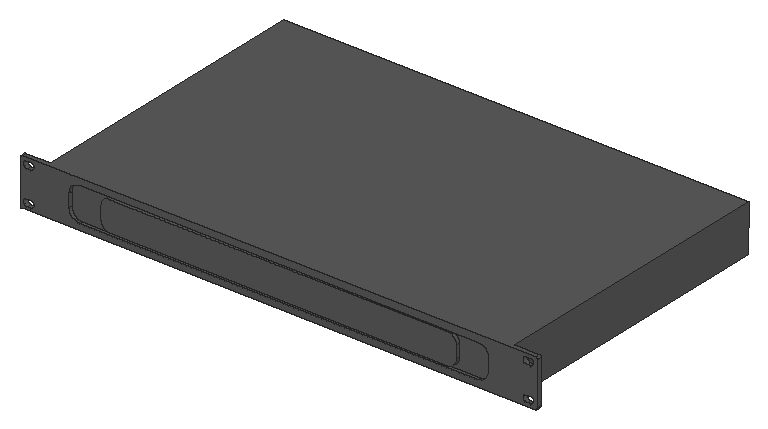
Revit family "E 20-2", category Communication Devices, Revit 2020
Family settings
  Maintain Annotation Orientation = No
  Round Connector Dimension = Use Diameter
  Part Type = Normal
  Work Plane-Based = No
  Always vertical = Yes
  Cut with Voids When Loaded = No
  Shared = No
  Room Calculation Point = No
Parameters
  Weight (kg) [instance] = 8.1  # constant formula
  Voltage [instance] = "100-240VAC"  # constant formula
  Model = "E 20:2"
  Manufacturer = "Lab Gruppen"
  Default Elevation = 0 mm
  Current Draw (Max) [instance] = 6  # constant formula
Reference planes
  plane 1 "Center (Front/Back)": y = 0
  plane 2: z = 0
  plane 3 "Center (Left/Right)": x = 0
Forms (mm)
  Extrusion 1, solid, material "Aluminium, Black"
    sketch origin (0, 0, 0) x (1, 0, 0) y (0, 0, 1)
      loop
        line (216.937, 44) -> (-216.504, 44) -> (-216.504, 0) -> (216.937, 0) -> (216.937, 44)
    from 0 to -272
  Extrusion 2, solid, material "Aluminium, Black"
    sketch origin (0, 0, 0) x (1, 0, 0) y (0, 0, 1)
      loop
        arc (-239.3, 44) -> (-240.714, 43.415) -> (-241.3, 42) r 2
        line (-241.3, 42) -> (-241.3, 2)
        arc (-241.3, 2) -> (-240.714, 0.586) -> (-239.3, 0) r 2
        line (-239.3, 0) -> (239.3, 0)
        arc (239.3, 0) -> (240.714, 0.586) -> (241.3, 2) r 2
        line (241.3, 2) -> (241.3, 42)
        arc (241.3, 42) -> (240.714, 43.415) -> (239.3, 44) r 2
        line (239.3, 44) -> (-239.3, 44)
    from 0 to 4
  Extrusion 3, void
    sketch origin (0, 0, 0) x (1, 0, 0) y (0, 0, 1)
      loop
        arc (231.4, 41.4) -> (227.9, 37.9) -> (231.4, 34.4) r 3.5
        line (231.4, 34.4) -> (234.4, 34.4)
        arc (234.4, 34.4) -> (237.9, 37.9) -> (234.4, 41.4) r 3.5
        line (234.4, 41.4) -> (231.4, 41.4)
    from 0 to 4
  Extrusion 4, void
    sketch origin (0, 0, 0) x (1, 0, 0) y (0, 0, 1)
      loop
        arc (231.4, 9.6) -> (227.9, 6.1) -> (231.4, 2.6) r 3.5
        line (231.4, 2.6) -> (234.4, 2.6)
        arc (234.4, 2.6) -> (237.9, 6.1) -> (234.4, 9.6) r 3.5
        line (234.4, 9.6) -> (231.4, 9.6)
    from 0 to 4
  Extrusion 5, void
    sketch origin (0, 0, 0) x (1, 0, 0) y (0, 0, 1)
      loop
        arc (-234.4, 41.4) -> (-237.9, 37.9) -> (-234.4, 34.4) r 3.5
        line (-234.4, 34.4) -> (-231.4, 34.4)
        arc (-231.4, 34.4) -> (-227.9, 37.9) -> (-231.4, 41.4) r 3.5
        line (-231.4, 41.4) -> (-234.4, 41.4)
    from 0 to 4
  Extrusion 6, void
    sketch origin (0, 0, 0) x (1, 0, 0) y (0, 0, 1)
      loop
        arc (-234.4, 9.6) -> (-237.9, 6.1) -> (-234.4, 2.6) r 3.5
        line (-234.4, 2.6) -> (-231.4, 2.6)
        arc (-231.4, 2.6) -> (-227.9, 6.1) -> (-231.4, 9.6) r 3.5
        line (-231.4, 9.6) -> (-234.4, 9.6)
    from 0 to 4
  Extrusion 7, void
    sketch origin (0, 0, 0) x (1, 0, 0) y (0, 0, 1)
      loop
        arc (-185.75, 38) -> (-192.821, 35.072) -> (-195.75, 28.001) r 10
        line (-195.75, 28.001) -> (-195.75, 16)
        arc (-195.75, 16) -> (-192.821, 8.929) -> (-185.75, 6) r 10
        line (-185.75, 6) -> (185.75, 6)
        arc (185.75, 6) -> (192.821, 8.929) -> (195.75, 16) r 10
        line (195.75, 16) -> (195.75, 28)
        arc (195.75, 28) -> (192.821, 35.071) -> (185.75, 38) r 10
        line (185.75, 38) -> (-185.75, 38)
    from 1 to 4
  Extrusion 8, solid, material "Aluminium, Black"
    sketch origin (0, 0, 0) x (1, 0, 0) y (0, 0, 1)
      loop
        arc (-157.75, 36.001) -> (-163.407, 33.657) -> (-165.75, 28.001) r 8
        line (-165.75, 28.001) -> (-165.75, 16)
        arc (-165.75, 16) -> (-163.407, 10.343) -> (-157.75, 8) r 8
        line (-157.75, 8) -> (157.75, 8)
        arc (157.75, 8) -> (163.407, 10.343) -> (165.75, 16) r 8
        line (165.75, 16) -> (165.75, 28.001)
        arc (165.75, 28.001) -> (163.407, 33.658) -> (157.75, 36.001) r 8
        line (157.75, 36.001) -> (-157.75, 36.001)
    from 1 to 4
Cuts and joins
  Extrusion 3, Extrusion 4, Extrusion 7 cuts Extrusion 1
  Extrusion 3, Extrusion 4, Extrusion 5, Extrusion 6, Extrusion 7 cuts Extrusion 2
  joined: Extrusion 1, Extrusion 2, Extrusion 8
Lines and regions (mm)
  Split face 1
    outline origin (-157.75, -4, 36.001) x (-1, 0, 0) y (0, 0, -1)
      loop
        arc (-83.45, 9.2) -> (-82.15, 10.5) -> (-83.45, 11.8) r 1.3
        line (-83.45, 11.8) -> (-89.45, 11.8)
        arc (-89.45, 11.8) -> (-90.75, 10.5) -> (-89.45, 9.2) r 1.3
        line (-89.45, 9.2) -> (-83.45, 9.2)
  Split face 2
    outline origin (-157.75, -4, 36.001) x (-1, 0, 0) y (0, 0, -1)
      loop
        arc (-83.45, 16.2) -> (-82.15, 17.5) -> (-83.45, 18.8) r 1.3
        line (-83.45, 18.8) -> (-89.45, 18.8)
        arc (-89.45, 18.8) -> (-90.75, 17.5) -> (-89.45, 16.2) r 1.3
        line (-89.45, 16.2) -> (-83.45, 16.2)
  Split face 3
    outline origin (187.853, 272, 44) x (0, 0, -1) y (-1, 0, 0)
      loop
        arc (28.422, 363.645) -> (30.466, 364.55) -> (31.305, 366.623) r 2.98
        line (31.305, 366.623) -> (31.305, 391.409)
        arc (31.305, 391.409) -> (30.493, 393.507) -> (28.422, 394.385) r 2.884
        line (28.422, 394.385) -> (12.058, 394.385)
        arc (12.058, 394.385) -> (10.01, 393.483) -> (9.169, 391.409) r 2.977
        line (9.169, 391.409) -> (9.169, 366.623)
        arc (9.169, 366.623) -> (9.983, 364.523) -> (12.058, 363.645) r 2.89
        line (12.058, 363.645) -> (28.422, 363.645)
  Split face 4
    outline origin (187.853, 272, 44) x (0, 0, -1) y (-1, 0, 0)
      loop
        arc (28.393, 389.257) -> (27.776, 390.755) -> (26.279, 391.376) r 2.114
        line (26.279, 391.376) -> (17.692, 391.376)
        arc (17.692, 391.376) -> (17.189, 391.274) -> (16.765, 390.986) r 1.299
        line (16.765, 390.986) -> (12.421, 386.557)
        arc (12.421, 386.557) -> (12.138, 386.127) -> (12.039, 385.622) r 1.336
        line (12.039, 385.622) -> (12.039, 372.472)
        arc (12.039, 372.472) -> (12.14, 371.968) -> (12.429, 371.544) r 1.293
        line (12.429, 371.544) -> (16.76, 367.323)
        arc (16.76, 367.323) -> (17.188, 367.04) -> (17.692, 366.941) r 1.327
        line (17.692, 366.941) -> (26.156, 366.941)
        arc (26.156, 366.941) -> (27.73, 367.519) -> (28.393, 369.059) r 2.122
        line (28.393, 369.059) -> (28.393, 389.257)
  Split face 5
    outline origin (187.853, 272, 44) x (0, 0, -1) y (-1, 0, 0)
      loop
        line (23.895, 385.372) -> (23.895, 387.032) -> (20.184, 387.032) -> (20.184, 385.372) -> (23.895, 385.372)
  Split face 6
    outline origin (187.853, 272, 44) x (0, 0, -1) y (-1, 0, 0)
      loop
        line (19.844, 378.336) -> (19.844, 379.996) -> (16.129, 379.996) -> (16.129, 378.336) -> (19.844, 378.336)
  Split face 7
    outline origin (187.853, 272, 44) x (0, 0, -1) y (-1, 0, 0)
      loop
        line (20.184, 372.93) -> (20.184, 371.266) -> (23.895, 371.266) -> (23.895, 372.93) -> (20.184, 372.93)
  Split face 8
    outline origin (216.937, 272, 44) x (0, 0, -1) y (-1, 0, 0)
      loop
        circle (29.652, 182.63) r 5.531
  Split face 9
    outline origin (216.937, 272, 44) x (0, 0, -1) y (-1, 0, 0)
      loop
        circle (30.72, 192.684) r 1.778
  Split face 10
    outline origin (216.937, 272, 39.014) x (0, 0, -1) y (-1, 0, 0)
      loop
        circle (25.227, 151.875) r 5.494
  Split face 11
    outline origin (216.937, 272, 39.014) x (0, 0, -1) y (-1, 0, 0)
      loop
        arc (22.886, 150.987) -> (22.835, 149.663) -> (24.159, 149.613) r 0.936
        line (24.159, 149.613) -> (27.557, 152.764)
        arc (27.557, 152.764) -> (27.611, 154.086) -> (26.289, 154.138) r 0.935
        line (26.289, 154.138) -> (22.886, 150.987)
  Split face 12
    outline origin (216.937, 272, 44) x (0, 0, -1) y (-1, 0, 0)
      loop
        circle (31.117, 140.57) r 1.58
  Split face 13
    outline origin (216.937, 272, 44) x (0, 0, -1) y (-1, 0, 0)
      loop
        line (34.484, 130.603) -> (34.484, 135.25) -> (27.365, 135.25) -> (27.365, 130.603) -> (34.484, 130.603)
  Split face 14
    outline origin (216.937, 272, 44) x (0, 0, -1) y (-1, 0, 0)
      loop
        line (33.378, 131.605) -> (33.378, 134.248) -> (29.564, 134.248) -> (29.564, 131.605) -> (33.378, 131.605)
  Split face 15
    outline origin (216.937, 272, 44) x (0, 0, -1) y (-1, 0, 0)
      loop
        line (34.484, 122.278) -> (34.484, 126.924) -> (27.365, 126.924) -> (27.365, 122.278) -> (34.484, 122.278)
  Split face 16
    outline origin (216.937, 272, 44) x (0, 0, -1) y (-1, 0, 0)
      loop
        line (33.378, 123.28) -> (33.378, 125.924) -> (29.564, 125.924) -> (29.564, 123.28) -> (33.378, 123.28)
  Split face 17
    outline origin (216.937, 272, 39.014) x (0, 0, -1) y (-1, 0, 0)
      loop
        circle (25.225, 110.053) r 5.494
  Split face 18
    outline origin (216.937, 272, 39.014) x (0, 0, -1) y (-1, 0, 0)
      loop
        arc (22.886, 109.165) -> (22.835, 107.841) -> (24.159, 107.791) r 0.936
        line (24.159, 107.791) -> (27.557, 110.942)
        arc (27.557, 110.942) -> (27.611, 112.264) -> (26.289, 112.316) r 0.935
        line (26.289, 112.316) -> (22.886, 109.165)
  Split face 19
    outline origin (216.937, 272, 44) x (0, 0, -1) y (-1, 0, 0)
      loop
        line (34.484, 88.653) -> (34.484, 93.301) -> (27.365, 93.301) -> (27.365, 88.653) -> (34.484, 88.653)
  Split face 20
    outline origin (216.937, 272, 44) x (0, 0, -1) y (-1, 0, 0)
      loop
        line (33.378, 89.656) -> (33.378, 92.299) -> (29.564, 92.299) -> (29.564, 89.656) -> (33.378, 89.656)
  Split face 21
    outline origin (216.937, 272, 44) x (0, 0, -1) y (-1, 0, 0)
      loop
        line (34.484, 80.329) -> (34.484, 84.975) -> (27.365, 84.975) -> (27.365, 80.329) -> (34.484, 80.329)
  Split face 22
    outline origin (216.937, 272, 44) x (0, 0, -1) y (-1, 0, 0)
      loop
        line (33.378, 81.331) -> (33.378, 83.975) -> (29.564, 83.975) -> (29.564, 81.331) -> (33.378, 81.331)
  Split face 23
    outline origin (216.937, 272, 44) x (0, 0, -1) y (-1, 0, 0)
      loop
        circle (31.117, 98.391) r 1.578
  Split face 24
    outline origin (216.937, 272, 44) x (0, 0, -1) y (-1, 0, 0)
      loop
        line (36.299, 4.758) -> (36.299, 26.188) -> (27.277, 26.188) -> (27.277, 25.116) -> (25.049, 25.116) -> (25.049, 5.793) -> (27.365, 5.793) -> (27.365, 4.758) -> (36.299, 4.758)
  Split face 25
    outline origin (216.937, 272, 44) x (0, 0, -1) y (-1, 0, 0)
      loop
        line (28.11, 4.758) -> (28.11, 26.188)
  Split face 26
    outline origin (216.937, 272, 44) x (0, 0, -1) y (-1, 0, 0)
      loop
        line (36.539, 31.923) -> (36.539, 49.134) -> (27.536, 49.134) -> (27.536, 46.746) -> (25.308, 46.746) -> (25.308, 34.334) -> (27.633, 34.334) -> (27.633, 31.923) -> (36.539, 31.923)
  Split face 27
    outline origin (216.937, 272, 44) x (0, 0, -1) y (-1, 0, 0)
      loop
        line (28.36, 31.923) -> (28.36, 49.134)
  Split face 28
    outline origin (216.937, 272, 44) x (0, 0, -1) y (-1, 0, 0)
      loop
        line (36.539, 58.674) -> (36.539, 75.884) -> (27.536, 75.884) -> (27.536, 73.496) -> (25.308, 73.496) -> (25.308, 61.084) -> (27.633, 61.084) -> (27.633, 58.674) -> (36.539, 58.674)
  Split face 29
    outline origin (216.937, 272, 44) x (0, 0, -1) y (-1, 0, 0)
      loop
        line (28.36, 58.674) -> (28.36, 75.884)
  Split face 30
    outline origin (216.937, 272, 44) x (0, 0, -1) y (-1, 0, 0)
      loop
        arc (34.712, 33.431) -> (35.812, 35.797) -> (34.712, 38.163) r 3.096
        arc (34.712, 38.163) -> (35.812, 40.529) -> (34.712, 42.895) r 3.096
        arc (34.712, 42.895) -> (35.812, 45.261) -> (34.712, 47.626) r 3.096
        line (34.712, 47.626) -> (34.712, 48.426) -> (30.105, 48.426) -> (30.105, 32.631) -> (34.712, 32.631) -> (34.712, 33.431)
  Split face 31
    outline origin (216.937, 272, 44) x (0, 0, -1) y (-1, 0, 0)
      loop
        arc (34.712, 60.181) -> (35.812, 62.547) -> (34.712, 64.913) r 3.096
        arc (34.712, 64.913) -> (35.812, 67.279) -> (34.712, 69.645) r 3.096
        arc (34.712, 69.645) -> (35.812, 72.011) -> (34.712, 74.377) r 3.096
        line (34.712, 74.377) -> (34.712, 75.177) -> (30.105, 75.177) -> (30.105, 59.381) -> (34.712, 59.381) -> (34.712, 60.181)
  Split face 32
    outline origin (216.937, 272, 44) x (0, 0, -1) y (-1, 0, 0)
      loop
        arc (34.712, 6.009) -> (35.812, 8.375) -> (34.712, 10.741) r 3.096
        arc (34.712, 10.741) -> (35.812, 13.107) -> (34.712, 15.473) r 3.096
        arc (34.712, 15.473) -> (35.812, 17.839) -> (34.712, 20.205) r 3.096
        arc (34.712, 20.205) -> (35.812, 22.571) -> (34.712, 24.937) r 3.096
        line (34.712, 24.937) -> (34.712, 25.737) -> (30.105, 25.737) -> (30.105, 5.209) -> (34.712, 5.209) -> (34.712, 6.009)
  Split face 33
    outline origin (-157.75, -4, 36.001) x (-1, 0, 0) y (0, 0, -1)
      loop
        circle (-182.45, 10.5) r 1.3
  Split face 34
    outline origin (-157.75, -4, 36.001) x (-1, 0, 0) y (0, 0, -1)
      loop
        circle (-182.45, 17.5) r 1.3
  Split face 35
    outline origin (-157.75, -4, 36.001) x (-1, 0, 0) y (0, 0, -1)
      loop
        circle (-206.951, 10.5) r 1.3
  Split face 36
    outline origin (-157.75, -4, 36.001) x (-1, 0, 0) y (0, 0, -1)
      loop
        circle (-206.951, 17.5) r 1.3
  Split face 37
    outline origin (216.937, 272, 44) x (0, 0, -1) y (-1, 0, 0)
      loop
        line (36.881, 328.65) -> (36.881, 344.348) -> (20.917, 344.348) -> (20.917, 328.65) -> (36.881, 328.65)
  Split face 38
    outline origin (216.937, 272, 44) x (0, 0, -1) y (-1, 0, 0)
      loop
        line (36.881, 310.454) -> (36.881, 326.152) -> (20.917, 326.152) -> (20.917, 310.454) -> (36.881, 310.454)
  Split face 39
    outline origin (216.937, 272, 44) x (0, 0, -1) y (-1, 0, 0)
      loop
        line (25.011, 342.823) -> (25.011, 341.844) -> (26.156, 341.844) -> (26.156, 338.396) -> (25.011, 338.396) -> (25.011, 334.751) -> (26.156, 334.751) -> (26.156, 331.302) -> (25.011, 331.302) -> (25.011, 330.324) -> (33.865, 330.324) -> (33.865, 342.823) -> (25.011, 342.823)
  Split face 40
    outline origin (216.937, 272, 44) x (0, 0, -1) y (-1, 0, 0)
      loop
        line (25.011, 324.627) -> (25.011, 323.648) -> (26.156, 323.648) -> (26.156, 320.2) -> (25.011, 320.2) -> (25.011, 316.555) -> (26.156, 316.555) -> (26.156, 313.106) -> (25.011, 313.106) -> (25.011, 312.128) -> (33.865, 312.128) -> (33.865, 324.627) -> (25.011, 324.627)
  Split face 41
    outline origin (216.937, 272, 44) x (0, 0, -1) y (-1, 0, 0)
      loop
        arc (34.712, 234.907) -> (35.974, 236.169) -> (34.712, 237.43) r 1.262
        line (34.712, 237.43) -> (6.452, 237.43)
        arc (6.452, 237.43) -> (5.19, 236.169) -> (6.452, 234.907) r 1.262
        line (6.452, 234.907) -> (34.712, 234.907)
  Split face 42
    outline origin (216.937, 272, 44) x (0, 0, -1) y (-1, 0, 0)
      loop
        arc (34.712, 238.407) -> (35.974, 239.669) -> (34.712, 240.93) r 1.262
        line (34.712, 240.93) -> (6.452, 240.93)
        arc (6.452, 240.93) -> (5.19, 239.669) -> (6.452, 238.407) r 1.262
        line (6.452, 238.407) -> (34.712, 238.407)
  Split face 43
    outline origin (216.937, 272, 44) x (0, 0, -1) y (-1, 0, 0)
      loop
        arc (34.712, 217.409) -> (35.974, 218.671) -> (34.712, 219.933) r 1.262
        line (34.712, 219.933) -> (6.452, 219.933)
        arc (6.452, 219.933) -> (5.19, 218.671) -> (6.452, 217.409) r 1.262
        line (6.452, 217.409) -> (34.712, 217.409)
  Split face 44
    outline origin (216.937, 272, 44) x (0, 0, -1) y (-1, 0, 0)
      loop
        arc (34.712, 213.93) -> (35.974, 215.192) -> (34.712, 216.454) r 1.262
        line (34.712, 216.454) -> (6.452, 216.454)
        arc (6.452, 216.454) -> (5.19, 215.192) -> (6.452, 213.93) r 1.262
        line (6.452, 213.93) -> (34.712, 213.93)
  Split face 45
    outline origin (216.937, 272, 44) x (0, 0, -1) y (-1, 0, 0)
      loop
        arc (34.712, 245.407) -> (35.974, 246.669) -> (34.712, 247.93) r 1.262
        line (34.712, 247.93) -> (6.452, 247.93)
        arc (6.452, 247.93) -> (5.19, 246.669) -> (6.452, 245.407) r 1.262
        line (6.452, 245.407) -> (34.712, 245.407)
  Split face 46
    outline origin (216.937, 272, 44) x (0, 0, -1) y (-1, 0, 0)
      loop
        arc (34.712, 224.389) -> (35.974, 225.651) -> (34.712, 226.913) r 1.262
        line (34.712, 226.913) -> (6.452, 226.913)
        arc (6.452, 226.913) -> (5.19, 225.651) -> (6.452, 224.389) r 1.262
        line (6.452, 224.389) -> (34.712, 224.389)
  Split face 47
    outline origin (216.937, 272, 44) x (0, 0, -1) y (-1, 0, 0)
      loop
        arc (34.712, 220.89) -> (35.974, 222.152) -> (34.712, 223.413) r 1.262
        line (34.712, 223.413) -> (6.452, 223.413)
        arc (6.452, 223.413) -> (5.19, 222.152) -> (6.452, 220.89) r 1.262
        line (6.452, 220.89) -> (34.712, 220.89)
  Split face 48
    outline origin (216.937, 272, 44) x (0, 0, -1) y (-1, 0, 0)
      loop
        arc (34.712, 241.907) -> (35.974, 243.169) -> (34.712, 244.43) r 1.262
        line (34.712, 244.43) -> (6.452, 244.43)
        arc (6.452, 244.43) -> (5.19, 243.169) -> (6.452, 241.907) r 1.262
        line (6.452, 241.907) -> (34.712, 241.907)
  Split face 49
    outline origin (216.937, 272, 44) x (0, 0, -1) y (-1, 0, 0)
      loop
        arc (34.712, 227.907) -> (35.974, 229.169) -> (34.712, 230.43) r 1.262
        line (34.712, 230.43) -> (6.452, 230.43)
        arc (6.452, 230.43) -> (5.19, 229.169) -> (6.452, 227.907) r 1.262
        line (6.452, 227.907) -> (34.712, 227.907)
  Split face 50
    outline origin (216.937, 272, 44) x (0, 0, -1) y (-1, 0, 0)
      loop
        arc (34.712, 231.407) -> (35.974, 232.669) -> (34.712, 233.93) r 1.262
        line (34.712, 233.93) -> (6.452, 233.93)
        arc (6.452, 233.93) -> (5.19, 232.669) -> (6.452, 231.407) r 1.262
        line (6.452, 231.407) -> (34.712, 231.407)
  Split face 51
    outline origin (216.937, 272, 44) x (0, 0, -1) y (-1, 0, 0)
      loop
        arc (34.712, 248.907) -> (35.974, 250.169) -> (34.712, 251.43) r 1.262
        line (34.712, 251.43) -> (6.452, 251.43)
        arc (6.452, 251.43) -> (5.19, 250.169) -> (6.452, 248.907) r 1.262
        line (6.452, 248.907) -> (34.712, 248.907)
  Split face 52
    outline origin (216.937, 272, 44) x (0, 0, -1) y (-1, 0, 0)
      loop
        arc (34.712, 266.407) -> (35.974, 267.669) -> (34.712, 268.93) r 1.262
        line (34.712, 268.93) -> (6.452, 268.93)
        arc (6.452, 268.93) -> (5.19, 267.669) -> (6.452, 266.407) r 1.262
        line (6.452, 266.407) -> (34.712, 266.407)
  Split face 53
    outline origin (216.937, 272, 44) x (0, 0, -1) y (-1, 0, 0)
      loop
        arc (34.712, 276.907) -> (35.974, 278.169) -> (34.712, 279.43) r 1.262
        line (34.712, 279.43) -> (6.452, 279.43)
        arc (6.452, 279.43) -> (5.19, 278.169) -> (6.452, 276.907) r 1.262
        line (6.452, 276.907) -> (34.712, 276.907)
  Split face 54
    outline origin (216.937, 272, 44) x (0, 0, -1) y (-1, 0, 0)
      loop
        arc (34.712, 273.407) -> (35.974, 274.669) -> (34.712, 275.93) r 1.262
        line (34.712, 275.93) -> (6.452, 275.93)
        arc (6.452, 275.93) -> (5.19, 274.669) -> (6.452, 273.407) r 1.262
        line (6.452, 273.407) -> (34.712, 273.407)
  Split face 55
    outline origin (216.937, 272, 44) x (0, 0, -1) y (-1, 0, 0)
      loop
        arc (34.712, 280.407) -> (35.974, 281.669) -> (34.712, 282.93) r 1.262
        line (34.712, 282.93) -> (6.452, 282.93)
        arc (6.452, 282.93) -> (5.19, 281.669) -> (6.452, 280.407) r 1.262
        line (6.452, 280.407) -> (34.712, 280.407)
  Split face 56
    outline origin (216.937, 272, 44) x (0, 0, -1) y (-1, 0, 0)
      loop
        arc (34.712, 269.907) -> (35.974, 271.169) -> (34.712, 272.43) r 1.262
        line (34.712, 272.43) -> (6.452, 272.43)
        arc (6.452, 272.43) -> (5.19, 271.169) -> (6.452, 269.907) r 1.262
        line (6.452, 269.907) -> (34.712, 269.907)
  Split face 57
    outline origin (216.937, 272, 44) x (0, 0, -1) y (-1, 0, 0)
      loop
        arc (34.712, 255.907) -> (35.974, 257.169) -> (34.712, 258.43) r 1.262
        line (34.712, 258.43) -> (6.452, 258.43)
        arc (6.452, 258.43) -> (5.19, 257.169) -> (6.452, 255.907) r 1.262
        line (6.452, 255.907) -> (34.712, 255.907)
  Split face 58
    outline origin (216.937, 272, 44) x (0, 0, -1) y (-1, 0, 0)
      loop
        arc (34.712, 252.407) -> (35.974, 253.669) -> (34.712, 254.93) r 1.262
        line (34.712, 254.93) -> (6.452, 254.93)
        arc (6.452, 254.93) -> (5.19, 253.669) -> (6.452, 252.407) r 1.262
        line (6.452, 252.407) -> (34.712, 252.407)
  Split face 59
    outline origin (216.937, 272, 44) x (0, 0, -1) y (-1, 0, 0)
      loop
        arc (34.712, 262.907) -> (35.974, 264.169) -> (34.712, 265.43) r 1.262
        line (34.712, 265.43) -> (6.452, 265.43)
        arc (6.452, 265.43) -> (5.19, 264.169) -> (6.452, 262.907) r 1.262
        line (6.452, 262.907) -> (34.712, 262.907)
  Split face 60
    outline origin (216.937, 272, 44) x (0, 0, -1) y (-1, 0, 0)
      loop
        arc (34.712, 259.407) -> (35.974, 260.669) -> (34.712, 261.93) r 1.262
        line (34.712, 261.93) -> (6.452, 261.93)
        arc (6.452, 261.93) -> (5.19, 260.669) -> (6.452, 259.407) r 1.262
        line (6.452, 259.407) -> (34.712, 259.407)
  Split face 61
    outline origin (-157.75, -4, 36.001) x (-1, 0, 0) y (0, 0, -1)
      loop
        circle (-157.95, 10.5) r 1.3
  Split face 62
    outline origin (-157.75, -4, 36.001) x (-1, 0, 0) y (0, 0, -1)
      loop
        circle (-157.95, 17.5) r 1.3
  Split face 63
    outline origin (-157.75, -4, 36.001) x (-1, 0, 0) y (0, 0, -1)
      loop
        circle (-133.45, 10.5) r 1.3
  Split face 64
    outline origin (-157.75, -4, 36.001) x (-1, 0, 0) y (0, 0, -1)
      loop
        circle (-133.45, 17.5) r 1.3
  Split face 65
    outline origin (216.937, 272, 44) x (0, 0, -1) y (-1, 0, 0)
      loop
        arc (34.712, 283.907) -> (35.974, 285.169) -> (34.712, 286.43) r 1.262
        line (34.712, 286.43) -> (6.452, 286.43)
        arc (6.452, 286.43) -> (5.19, 285.169) -> (6.452, 283.907) r 1.262
        line (6.452, 283.907) -> (34.712, 283.907)
  Split face 66
    outline origin (216.937, 272, 44) x (0, 0, -1) y (-1, 0, 0)
      loop
        arc (34.712, 287.407) -> (35.974, 288.669) -> (34.712, 289.93) r 1.262
        line (34.712, 289.93) -> (6.452, 289.93)
        arc (6.452, 289.93) -> (5.19, 288.669) -> (6.452, 287.407) r 1.262
        line (6.452, 287.407) -> (34.712, 287.407)
  Split face 67
    outline origin (216.937, 272, 44) x (0, 0, -1) y (-1, 0, 0)
      loop
        arc (34.712, 290.907) -> (35.974, 292.169) -> (34.712, 293.43) r 1.262
        line (34.712, 293.43) -> (6.452, 293.43)
        arc (6.452, 293.43) -> (5.19, 292.169) -> (6.452, 290.907) r 1.262
        line (6.452, 290.907) -> (34.712, 290.907)
  Split face 68
    outline origin (216.937, 272, 44) x (0, 0, -1) y (-1, 0, 0)
      loop
        arc (34.712, 294.407) -> (35.974, 295.669) -> (34.712, 296.93) r 1.262
        line (34.712, 296.93) -> (6.452, 296.93)
        arc (6.452, 296.93) -> (5.19, 295.669) -> (6.452, 294.407) r 1.262
        line (6.452, 294.407) -> (34.712, 294.407)
  model lines, style "LAGER_1"
    curve 1: line (-239.3, 0, 0) -> (239.3, 0, 0)
    curve 2: line (131.532, -4, 23.649) -> (131.062, -4, 23.759)
    curve 3: line (131.062, -4, 23.759) -> (130.184, -4, 23.802)
    curve 4: line (130.184, -4, 23.802) -> (130.011, -4, 23.802)
    curve 5: line (130.011, -4, 23.802) -> (129.167, -4, 23.765)
    curve 6: line (129.167, -4, 23.765) -> (128.533, -4, 23.639)
    curve 7: line (128.533, -4, 23.639) -> (128.28, -4, 23.401)
    curve 8: line (128.28, -4, 23.401) -> (128.431, -4, 22.518)
    curve 9: line (128.431, -4, 22.518) -> (129.032, -4, 22.38)
    curve 10: line (129.032, -4, 22.38) -> (129.482, -4, 22.38)
    curve 11: line (129.482, -4, 22.38) -> (130.451, -4, 22.38)
    curve 12: line (130.451, -4, 22.38) -> (130.901, -4, 22.374)
    curve 13: line (130.901, -4, 22.374) -> (131.496, -4, 22.325)
    curve 14: line (131.496, -4, 22.325) -> (132.137, -4, 22.046)
    curve 15: line (132.137, -4, 22.046) -> (132.264, -4, 20.617)
    curve 16: line (132.264, -4, 20.617) -> (131.866, -4, 20.243)
    curve 17: line (131.866, -4, 20.243) -> (131.187, -4, 20.08)
    curve 18: line (131.187, -4, 20.08) -> (130.321, -4, 20.043)
    curve 19: line (130.321, -4, 20.043) -> (129.994, -4, 20.043)
    curve 20: line (129.994, -4, 20.043) -> (129.3, -4, 20.053)
    curve 21: line (129.3, -4, 20.053) -> (128.591, -4, 20.126)
    curve 22: line (128.591, -4, 20.126) -> (127.91, -4, 20.462)
    curve 23: line (127.91, -4, 20.462) -> (127.707, -4, 21.41)
    curve 24: line (127.707, -4, 21.41) -> (128.203, -4, 21.41)
    curve 25: line (128.203, -4, 21.319) -> (128.261, -4, 20.828)
    curve 26: line (128.261, -4, 20.828) -> (128.564, -4, 20.593)
    curve 27: line (128.564, -4, 20.593) -> (129.215, -4, 20.496)
    curve 28: line (129.215, -4, 20.496) -> (131.1, -4, 20.529)
    curve 29: line (131.1, -4, 20.529) -> (131.702, -4, 20.74)
    curve 30: line (131.702, -4, 20.74) -> (131.656, -4, 21.818)
    curve 31: line (131.656, -4, 21.818) -> (130.957, -4, 21.939)
    curve 32: line (130.957, -4, 21.939) -> (130.015, -4, 21.939)
    curve 33: line (130.015, -4, 21.939) -> (128.913, -4, 21.961)
    curve 34: line (128.913, -4, 21.961) -> (128.02, -4, 22.184)
    curve 35: line (128.02, -4, 22.184) -> (127.842, -4, 23.641)
    curve 36: line (127.842, -4, 23.641) -> (128.301, -4, 24.043)
    curve 37: line (128.301, -4, 24.043) -> (129.062, -4, 24.198)
    curve 38: line (129.062, -4, 24.198) -> (130.693, -4, 24.223)
    curve 39: line (130.693, -4, 24.223) -> (131.347, -4, 24.165)
    curve 40: line (131.347, -4, 24.165) -> (132.041, -4, 23.84)
    curve 41: line (132.041, -4, 23.84) -> (132.282, -4, 22.998)
    curve 42: line (132.282, -4, 22.998) -> (131.785, -4, 22.998)
    curve 43: line (131.785, -4, 22.998) -> (131.72, -4, 23.443)
    curve 44: line (131.72, -4, 23.443) -> (131.532, -4, 23.649)
    curve 45: line (137.322, -4, 22.413) -> (137.322, -4, 21.994)
    curve 46: line (137.322, -4, 21.994) -> (133.867, -4, 21.994)
    curve 47: line (133.867, -4, 21.994) -> (133.867, -4, 20.484)
    curve 48: line (133.867, -4, 20.484) -> (137.495, -4, 20.484)
    curve 49: line (137.495, -4, 20.484) -> (137.495, -4, 20.065)
    curve 50: line (137.495, -4, 20.065) -> (133.371, -4, 20.065)
    curve 51: line (133.371, -4, 20.065) -> (133.371, -4, 24.199)
    curve 52: line (133.371, -4, 24.199) -> (137.452, -4, 24.199)
    curve 53: line (137.452, -4, 24.199) -> (137.452, -4, 23.769)
    curve 54: line (137.452, -4, 23.769) -> (133.867, -4, 23.769)
    curve 55: line (133.867, -4, 23.769) -> (133.867, -4, 22.413)
    curve 56: line (133.867, -4, 22.413) -> (137.322, -4, 22.413)
    curve 57: line (142.715, -4, 23.001) -> (142.487, -4, 23.625)
    curve 58: line (142.487, -4, 23.625) -> (141.732, -4, 23.769)
    curve 59: line (141.732, -4, 23.769) -> (138.978, -4, 23.769)
    curve 60: line (138.978, -4, 23.769) -> (138.978, -4, 22.16)
    curve 61: line (138.978, -4, 22.16) -> (141.744, -4, 22.16)
    curve 62: line (141.744, -4, 22.16) -> (142.502, -4, 22.329)
    curve 63: line (142.502, -4, 22.329) -> (142.715, -4, 23.001)
    curve 64: line (143.234, -4, 22.974) -> (143.069, -4, 22.21)
    curve 65: line (143.069, -4, 22.21) -> (142.354, -4, 21.923)
    curve 66: line (142.354, -4, 21.923) -> (142.962, -4, 21.721)
    curve 67: line (142.962, -4, 21.721) -> (143.156, -4, 21.189)
    curve 68: line (143.156, -4, 21.189) -> (143.156, -4, 20.065)
    curve 69: line (143.156, -4, 20.065) -> (142.66, -4, 20.065)
    curve 70: line (142.66, -4, 20.065) -> (142.66, -4, 20.983)
    curve 71: line (142.66, -4, 20.983) -> (142.466, -4, 21.592)
    curve 72: line (142.466, -4, 21.592) -> (141.789, -4, 21.741)
    curve 73: line (141.789, -4, 21.741) -> (138.978, -4, 21.741)
    curve 74: line (138.978, -4, 21.741) -> (138.978, -4, 20.065)
    curve 75: line (138.978, -4, 20.065) -> (138.482, -4, 20.065)
    curve 76: line (138.482, -4, 20.065) -> (138.482, -4, 24.199)
    curve 77: line (138.482, -4, 24.199) -> (141.837, -4, 24.199)
    curve 78: line (141.837, -4, 24.199) -> (142.909, -4, 23.949)
    curve 79: line (142.909, -4, 23.949) -> (143.234, -4, 22.974)
    curve 80: line (144.714, -4, 20.065) -> (144.217, -4, 20.065)
    curve 81: line (144.217, -4, 20.065) -> (144.217, -4, 24.199)
    curve 82: line (144.217, -4, 24.199) -> (144.714, -4, 24.199)
    curve 83: line (144.714, -4, 24.199) -> (144.714, -4, 20.065)
    curve 84: line (149.818, -4, 22.413) -> (149.818, -4, 21.994)
    curve 85: line (149.818, -4, 21.994) -> (146.362, -4, 21.994)
    curve 86: line (146.362, -4, 21.994) -> (146.362, -4, 20.484)
    curve 87: line (146.362, -4, 20.484) -> (149.991, -4, 20.484)
    curve 88: line (149.991, -4, 20.484) -> (149.991, -4, 20.065)
    curve 89: line (149.991, -4, 20.065) -> (145.866, -4, 20.065)
    curve 90: line (145.866, -4, 20.065) -> (145.866, -4, 24.199)
    curve 91: line (145.866, -4, 24.199) -> (149.947, -4, 24.199)
    curve 92: line (149.947, -4, 24.199) -> (149.947, -4, 23.769)
    curve 93: line (149.947, -4, 23.769) -> (146.362, -4, 23.769)
    curve 94: line (146.362, -4, 23.769) -> (146.362, -4, 22.413)
    curve 95: line (146.362, -4, 22.413) -> (149.818, -4, 22.413)
    curve 96: line (154.726, -4, 23.649) -> (154.256, -4, 23.759)
    curve 97: line (154.256, -4, 23.759) -> (153.378, -4, 23.802)
    curve 98: line (153.378, -4, 23.802) -> (153.205, -4, 23.802)
    curve 99: line (153.205, -4, 23.802) -> (152.361, -4, 23.765)
    curve 100: line (152.361, -4, 23.765) -> (151.727, -4, 23.639)
    curve 101: line (151.727, -4, 23.639) -> (151.474, -4, 23.401)
    curve 102: line (151.474, -4, 23.401) -> (151.625, -4, 22.518)
    curve 103: line (151.625, -4, 22.518) -> (152.226, -4, 22.38)
    curve 104: line (152.226, -4, 22.38) -> (152.677, -4, 22.38)
    curve 105: line (152.677, -4, 22.38) -> (153.645, -4, 22.38)
    curve 106: line (153.645, -4, 22.38) -> (154.095, -4, 22.374)
    curve 107: line (154.095, -4, 22.374) -> (154.69, -4, 22.325)
    curve 108: line (154.69, -4, 22.325) -> (155.331, -4, 22.046)
    curve 109: line (155.331, -4, 22.046) -> (155.457, -4, 20.617)
    curve 110: line (155.457, -4, 20.617) -> (155.06, -4, 20.243)
    curve 111: line (155.06, -4, 20.243) -> (154.381, -4, 20.08)
    curve 112: line (154.381, -4, 20.08) -> (153.515, -4, 20.043)
    curve 113: line (153.515, -4, 20.043) -> (153.188, -4, 20.043)
    curve 114: line (153.188, -4, 20.043) -> (152.494, -4, 20.053)
    curve 115: line (152.494, -4, 20.053) -> (151.785, -4, 20.126)
    curve 116: line (151.785, -4, 20.126) -> (151.104, -4, 20.462)
    curve 117: line (151.104, -4, 20.462) -> (150.9, -4, 21.41)
    curve 118: line (150.9, -4, 21.41) -> (151.396, -4, 21.41)
    curve 119: line (151.396, -4, 21.319) -> (151.455, -4, 20.828)
    curve 120: line (151.455, -4, 20.828) -> (151.757, -4, 20.593)
    curve 121: line (151.757, -4, 20.593) -> (152.409, -4, 20.496)
    curve 122: line (152.409, -4, 20.496) -> (154.294, -4, 20.529)
    curve 123: line (154.294, -4, 20.529) -> (154.85, -4, 21.818)
    curve 124: line (154.85, -4, 21.818) -> (154.151, -4, 21.939)
    curve 125: line (154.151, -4, 21.939) -> (153.209, -4, 21.939)
    curve 126: line (153.209, -4, 21.939) -> (152.107, -4, 21.961)
    curve 127: line (152.107, -4, 21.961) -> (151.214, -4, 22.184)
    curve 128: line (151.214, -4, 22.184) -> (151.036, -4, 23.641)
    curve 129: line (151.036, -4, 23.641) -> (151.495, -4, 24.043)
    curve 130: line (151.495, -4, 24.043) -> (153.888, -4, 24.223)
    curve 131: line (153.888, -4, 24.223) -> (154.541, -4, 24.165)
    curve 132: line (154.541, -4, 24.165) -> (155.235, -4, 23.84)
    curve 133: line (155.235, -4, 23.84) -> (155.475, -4, 22.998)
    curve 134: line (155.475, -4, 22.998) -> (154.979, -4, 22.998)
    curve 135: line (154.979, -4, 22.998) -> (154.914, -4, 23.443)
    curve 136: line (154.914, -4, 23.443) -> (154.726, -4, 23.649)
    curve 137: line (124.327, -4, 22.413) -> (124.327, -4, 21.994)
    curve 138: line (124.327, -4, 21.994) -> (120.871, -4, 21.994)
    curve 139: line (120.871, -4, 21.994) -> (120.871, -4, 20.484)
    curve 140: line (120.871, -4, 20.484) -> (124.5, -4, 20.484)
    curve 141: line (124.5, -4, 20.484) -> (124.5, -4, 20.065)
    curve 142: line (124.5, -4, 20.065) -> (120.375, -4, 20.065)
    curve 143: line (120.375, -4, 20.065) -> (120.375, -4, 24.199)
    curve 144: line (120.375, -4, 24.199) -> (124.457, -4, 24.199)
    curve 145: line (124.457, -4, 24.199) -> (124.457, -4, 23.769)
    curve 146: line (124.457, -4, 23.769) -> (120.871, -4, 23.769)
    curve 147: line (120.871, -4, 23.769) -> (120.871, -4, 22.413)
    curve 148: line (120.871, -4, 22.413) -> (124.327, -4, 22.413)
  model lines, style "0"
    curve 149: line (241.3, 0, 0) -> (-241.3, 0, 0)
  model lines, detail levels medium+fine
    curve 150: line (-141.82, -4, 20.552) -> (-142.115, -4, 20.847)
    curve 151: line (-141.82, -4, 20.24) -> (-141.82, -4, 20.552)
    curve 152: line (-142.115, -4, 19.945) -> (-141.82, -4, 20.24)
    curve 153: line (-142.402, -4, 19.945) -> (-142.115, -4, 19.945)
    curve 154: line (-142.696, -4, 20.24) -> (-142.402, -4, 19.945)
    curve 155: line (-142.696, -4, 20.552) -> (-142.696, -4, 20.24)
    curve 156: line (-142.402, -4, 20.847) -> (-142.696, -4, 20.552)
    curve 157: line (-142.115, -4, 20.847) -> (-142.402, -4, 20.847)
    curve 158: line (-139.06, -4, 22.001) -> (-136.58, -4, 22.001)
    curve 159: line (-139.161, -4, 21.619) -> (-139.161, -4, 21.9)
    curve 160: line (-137.056, -4, 21.518) -> (-139.06, -4, 21.518)
    curve 161: line (-137.158, -4, 20.619) -> (-137.004, -4, 21.468)
    curve 162: line (-138.634, -4, 20.395) -> (-137.158, -4, 20.619)
    curve 163: line (-140.878, -4, 20.86) -> (-138.634, -4, 20.395)
    curve 164: line (-140.743, -4, 23.347) -> (-140.878, -4, 20.86)
    curve 165: line (-137.927, -4, 23.526) -> (-140.743, -4, 23.347)
    curve 166: line (-137.183, -4, 23.353) -> (-137.927, -4, 23.526)
    curve 167: line (-137.056, -4, 22.846) -> (-137.183, -4, 23.353)
    curve 168: line (-136.583, -4, 22.745) -> (-136.945, -4, 22.745)
    curve 169: line (-136.6, -4, 23.446) -> (-136.485, -4, 22.845)
    curve 170: line (-137.4, -4, 23.979) -> (-136.6, -4, 23.446)
    curve 171: line (-141.387, -4, 23.309) -> (-137.4, -4, 23.979)
    curve 172: line (-141.393, -4, 20.631) -> (-141.387, -4, 23.309)
    curve 173: line (-140.631, -4, 19.98) -> (-141.393, -4, 20.631)
    curve 174: line (-136.52, -4, 20.724) -> (-140.631, -4, 19.98)
    curve 175: line (-136.453, -4, 21.882) -> (-136.52, -4, 20.724)
    curve 176: line (-135.937, -4, 23.94) -> (-135.937, -4, 20.007)
    curve 177: line (-133.459, -4, 24.041) -> (-135.835, -4, 24.041)
    curve 178: line (-131.312, -4, 23.533) -> (-133.459, -4, 24.041)
    curve 179: line (-131.863, -4, 21.703) -> (-131.312, -4, 23.533)
    curve 180: line (-131.442, -4, 21.493) -> (-131.863, -4, 21.703)
    curve 181: line (-131.256, -4, 20.495) -> (-131.442, -4, 21.493)
    curve 182: line (-131.256, -4, 20.007) -> (-131.256, -4, 20.495)
    curve 183: line (-131.706, -4, 19.906) -> (-131.357, -4, 19.906)
    curve 184: line (-131.808, -4, 20.201) -> (-131.808, -4, 20.007)
    curve 185: line (-131.808, -4, 20.404) -> (-131.808, -4, 20.201)
    curve 186: line (-131.832, -4, 21.003) -> (-131.808, -4, 20.404)
    curve 187: line (-132.272, -4, 21.462) -> (-131.832, -4, 21.003)
    curve 188: line (-133.357, -4, 21.499) -> (-132.272, -4, 21.462)
    curve 189: line (-135.284, -4, 21.499) -> (-133.357, -4, 21.499)
    curve 190: line (-135.385, -4, 20.007) -> (-135.385, -4, 21.398)
    curve 191: line (-135.835, -4, 19.906) -> (-135.486, -4, 19.906)
    curve 192: line (-133.459, -4, 21.983) -> (-135.284, -4, 21.983)
    curve 193: line (-133.257, -4, 21.983) -> (-133.459, -4, 21.983)
    curve 194: line (-132.963, -4, 21.983) -> (-133.257, -4, 21.983)
    curve 195: line (-132.761, -4, 21.99) -> (-132.963, -4, 21.983)
    curve 196: line (-131.832, -4, 22.262) -> (-132.761, -4, 21.99)
    curve 197: line (-131.944, -4, 23.409) -> (-131.832, -4, 22.262)
    curve 198: line (-133.357, -4, 23.558) -> (-131.944, -4, 23.409)
    curve 199: line (-135.284, -4, 23.558) -> (-133.357, -4, 23.558)
    curve 200: line (-135.385, -4, 22.084) -> (-135.385, -4, 23.456)
    curve 201: line (-130.597, -4, 24.041) -> (-130.247, -4, 24.041)
    curve 202: line (-130.698, -4, 22.007) -> (-130.698, -4, 23.94)
    curve 203: line (-130.655, -4, 20.792) -> (-130.698, -4, 22.007)
    curve 204: line (-129.954, -4, 19.98) -> (-130.655, -4, 20.792)
    curve 205: line (-126.599, -4, 19.98) -> (-129.954, -4, 19.98)
    curve 206: line (-125.849, -4, 20.867) -> (-126.599, -4, 19.98)
    curve 207: line (-125.818, -4, 22.109) -> (-125.849, -4, 20.867)
    curve 208: line (-125.818, -4, 23.94) -> (-125.818, -4, 22.109)
    curve 209: line (-126.268, -4, 24.041) -> (-125.919, -4, 24.041)
    curve 210: line (-126.368, -4, 21.405) -> (-126.37, -4, 23.94)
    curve 211: line (-126.5, -4, 20.612) -> (-126.368, -4, 21.405)
    curve 212: line (-129.749, -4, 20.463) -> (-126.5, -4, 20.612)
    curve 213: line (-130.146, -4, 23.94) -> (-129.749, -4, 20.463)
    curve 214: line (-125.235, -4, 23.94) -> (-125.235, -4, 20.007)
    curve 215: line (-122.146, -4, 24.041) -> (-125.134, -4, 24.041)
    curve 216: line (-120.969, -4, 23.818) -> (-122.146, -4, 24.041)
    curve 217: line (-120.945, -4, 21.722) -> (-120.969, -4, 23.818)
    curve 218: line (-121.893, -4, 21.468) -> (-120.945, -4, 21.722)
    curve 219: line (-122.618, -4, 21.462) -> (-121.893, -4, 21.468)
    curve 220: line (-124.582, -4, 21.462) -> (-122.618, -4, 21.462)
    curve 221: line (-124.684, -4, 20.007) -> (-124.684, -4, 21.36)
    curve 222: line (-125.134, -4, 19.906) -> (-124.785, -4, 19.906)
    curve 223: line (-122.618, -4, 21.946) -> (-124.582, -4, 21.946)
    curve 224: line (-121.366, -4, 22.094) -> (-122.618, -4, 21.946)
    curve 225: line (-121.354, -4, 23.403) -> (-121.366, -4, 22.094)
    curve 226: line (-122.618, -4, 23.558) -> (-121.354, -4, 23.403)
    curve 227: line (-124.582, -4, 23.558) -> (-122.618, -4, 23.558)
    curve 228: line (-124.684, -4, 22.047) -> (-124.684, -4, 23.456)
    curve 229: line (-120.251, -4, 23.94) -> (-120.251, -4, 20.007)
    curve 230: line (-117.162, -4, 24.041) -> (-120.149, -4, 24.041)
    curve 231: line (-115.984, -4, 23.818) -> (-117.162, -4, 24.041)
    curve 232: line (-115.96, -4, 21.722) -> (-115.984, -4, 23.818)
    curve 233: line (-116.908, -4, 21.468) -> (-115.96, -4, 21.722)
    curve 234: line (-117.634, -4, 21.462) -> (-116.908, -4, 21.468)
    curve 235: line (-119.598, -4, 21.462) -> (-117.634, -4, 21.462)
    curve 236: line (-119.699, -4, 20.007) -> (-119.699, -4, 21.36)
    curve 237: line (-120.149, -4, 19.906) -> (-119.801, -4, 19.906)
    curve 238: line (-117.634, -4, 21.946) -> (-119.598, -4, 21.946)
    curve 239: line (-116.382, -4, 22.094) -> (-117.634, -4, 21.946)
    curve 240: line (-116.369, -4, 23.403) -> (-116.382, -4, 22.094)
    curve 241: line (-117.634, -4, 23.558) -> (-116.369, -4, 23.403)
    curve 242: line (-119.598, -4, 23.558) -> (-117.634, -4, 23.558)
    curve 243: line (-119.699, -4, 22.047) -> (-119.699, -4, 23.456)
    curve 244: line (-115.253, -4, 20.007) -> (-115.253, -4, 23.94)
    curve 245: line (-111.299, -4, 19.906) -> (-115.152, -4, 19.906)
    curve 246: line (-111.197, -4, 20.288) -> (-111.197, -4, 20.007)
    curve 247: line (-114.6, -4, 20.389) -> (-111.299, -4, 20.389)
    curve 248: line (-114.701, -4, 21.708) -> (-114.701, -4, 20.49)
    curve 249: line (-111.454, -4, 21.809) -> (-114.6, -4, 21.809)
    curve 250: line (-111.353, -4, 22.192) -> (-111.353, -4, 21.91)
    curve 251: line (-114.6, -4, 22.293) -> (-111.454, -4, 22.293)
    curve 252: line (-114.701, -4, 23.456) -> (-114.701, -4, 22.394)
    curve 253: line (-111.305, -4, 23.558) -> (-114.6, -4, 23.558)
    curve 254: line (-111.204, -4, 23.94) -> (-111.204, -4, 23.659)
    curve 255: line (-115.152, -4, 24.041) -> (-111.305, -4, 24.041)
    curve 256: line (-110.706, -4, 24.041) -> (-109.991, -4, 24.041)
    curve 257: line (-110.807, -4, 20.007) -> (-110.807, -4, 23.94)
    curve 258: line (-110.356, -4, 19.906) -> (-110.706, -4, 19.906)
    curve 259: line (-110.255, -4, 23.425) -> (-110.255, -4, 20.007)
    curve 260: line (-110.06, -4, 23.454) -> (-110.255, -4, 23.425)
    curve 261: line (-106.6, -4, 19.977) -> (-110.06, -4, 23.454)
    curve 262: line (-106.427, -4, 19.906) -> (-106.6, -4, 19.977)
    curve 263: line (-105.694, -4, 19.906) -> (-106.427, -4, 19.906)
    curve 264: line (-105.593, -4, 23.94) -> (-105.593, -4, 20.007)
    curve 265: line (-106.043, -4, 24.041) -> (-105.694, -4, 24.041)
    curve 266: line (-106.144, -4, 20.515) -> (-106.144, -4, 23.94)
    curve 267: line (-106.346, -4, 20.486) -> (-106.144, -4, 20.515)
    curve 268: line (-109.818, -4, 23.969) -> (-106.346, -4, 20.486)
    curve 269: line (-109.991, -4, 24.041) -> (-109.818, -4, 23.969)
    curve 270: line (-151.526, -4, 21.445) -> (-150.464, -4, 23.316)
    curve 271: line (-149.354, -4, 21.445) -> (-151.526, -4, 21.445)
    curve 272: line (-150.406, -4, 23.316) -> (-149.354, -4, 21.445)
    curve 273: line (-147.74, -4, 20.17) -> (-149.857, -4, 23.918)
    curve 274: line (-147.736, -4, 19.968) -> (-147.74, -4, 20.17)
    curve 275: line (-147.914, -4, 19.873) -> (-147.736, -4, 19.968)
    curve 276: line (-148.303, -4, 19.873) -> (-147.914, -4, 19.873)
    curve 277: line (-148.571, -4, 20.03) -> (-148.303, -4, 19.873)
    curve 278: line (-148.939, -4, 20.688) -> (-148.571, -4, 20.03)
    curve 279: line (-151.926, -4, 20.7) -> (-148.961, -4, 20.7)
    curve 280: line (-152.316, -4, 20.03) -> (-151.948, -4, 20.688)
    curve 281: line (-152.584, -4, 19.873) -> (-152.316, -4, 20.03)
    curve 282: line (-152.985, -4, 19.873) -> (-152.584, -4, 19.873)
    curve 283: line (-153.159, -4, 20.171) -> (-152.985, -4, 19.873)
    curve 284: line (-152.858, -4, 20.701) -> (-153.159, -4, 20.171)
    curve 285: line (-155.353, -4, 20.701) -> (-152.858, -4, 20.701)
    curve 286: line (-155.593, -4, 20.94) -> (-155.353, -4, 20.701)
    curve 287: line (-155.593, -4, 23.835) -> (-155.593, -4, 20.94)
    curve 288: line (-155.353, -4, 24.074) -> (-155.593, -4, 23.835)
    curve 289: line (-155.023, -4, 24.074) -> (-155.353, -4, 24.074)
    curve 290: line (-154.783, -4, 23.835) -> (-155.023, -4, 24.074)
    curve 291: line (-154.783, -4, 21.446) -> (-154.783, -4, 23.835)
    curve 292: line (-152.451, -4, 21.446) -> (-154.783, -4, 21.446)
    curve 293: line (-151.035, -4, 23.918) -> (-152.429, -4, 21.459)
    curve 294: line (-150.767, -4, 24.074) -> (-151.035, -4, 23.918)
    curve 295: line (-150.126, -4, 24.074) -> (-150.767, -4, 24.074)
    curve 296: line (-149.857, -4, 23.918) -> (-150.126, -4, 24.074)
    curve 297: line (-145.125, -4, 23.323) -> (-144.033, -4, 22.855)
    curve 298: line (-147.058, -4, 23.323) -> (-145.125, -4, 23.323)
    curve 299: line (-147.058, -4, 22.382) -> (-147.058, -4, 23.323)
    curve 300: line (-145.125, -4, 22.382) -> (-147.058, -4, 22.382)
    curve 301: line (-144.171, -4, 22.466) -> (-145.125, -4, 22.382)
    curve 302: line (-144.033, -4, 22.855) -> (-144.171, -4, 22.466)
    curve 303: line (-143.314, -4, 20.208) -> (-143.482, -4, 22.099)
    curve 304: line (-145.125, -4, 19.857) -> (-143.314, -4, 20.208)
    curve 305: line (-146.738, -4, 19.857) -> (-145.125, -4, 19.857)
    curve 306: line (-146.843, -4, 20.098) -> (-146.738, -4, 19.857)
    curve 307: line (-145.125, -4, 20.605) -> (-146.843, -4, 20.098)
    curve 308: line (-143.989, -4, 21.531) -> (-145.125, -4, 20.605)
    curve 309: line (-145.125, -4, 21.634) -> (-143.989, -4, 21.531)
    curve 310: line (-147.06, -4, 21.634) -> (-145.125, -4, 21.634)
    curve 311: line (-147.06, -4, 20.814) -> (-147.06, -4, 21.634)
    curve 312: line (-147.751, -4, 21.442) -> (-147.06, -4, 20.814)
    curve 313: line (-147.87, -4, 21.711) -> (-147.751, -4, 21.442)
    curve 314: line (-147.87, -4, 23.83) -> (-147.87, -4, 21.711)
    curve 315: line (-147.629, -4, 24.071) -> (-147.87, -4, 23.83)
    curve 316: line (-145.22, -4, 24.071) -> (-147.629, -4, 24.071)
    curve 317: line (-145.026, -4, 24.069) -> (-145.22, -4, 24.071)
    curve 318: line (-144.219, -4, 24.046) -> (-145.026, -4, 24.069)
    curve 319: line (-143.339, -4, 23.538) -> (-144.219, -4, 24.046)
    curve 320: line (-143.482, -4, 22.099) -> (-143.339, -4, 23.538)
  model lines
    curve 321: line (187.814, 272, 39.94) -> (187.814, 272, 4.982)
    curve 322: line (138.797, 272, 39.94) -> (138.797, 272, 4.982)
    curve 323: line (96.544, 272, 40.244) -> (96.544, 272, 4.982)
    curve 324: line (54.978, 272, 40.244) -> (54.978, 272, 4.982)
    curve 325: line (3.007, 0, 37.549) -> (-89.593, 0, 37.549)
Dimensions and locks
  aligned and locked: level to plane 2
Connectors
  electrical at (-191.268, 272, 25.079)
    settings: on cut or joined group 1 (Extrusion 1, Extrusion 2, Extrusion 3, Extrusion 4, Extrusion 5, Extrusion 6, Extrusion 7, Extrusion 8), index 1, voltage 120 V, apparent load 0 VA, apparent load phase1 0 VA, apparent load phase2 0 VA, apparent load phase3 0 VA, power factor 1, load classification "Other", number of poles 1, system type 31, power factor state 1, is connector primary yes, connector utility no, sub classification motor no, connector description "100-240VAC IEC"
  electrical at (-101.44, 272, 17.132)
    settings: on cut or joined group 1, index 2, voltage 0 V, apparent load 0 VA, apparent load phase1 0 VA, apparent load phase2 0 VA, apparent load phase3 0 VA, power factor 1, load classification "Other", number of poles 1, system type 14, power factor state 1, is connector primary no, connector utility no, sub classification motor no, connector description "Speaker Out - 2pin"
  electrical at (-119.636, 272, 17.132)
    settings: on cut or joined group 1, index 3, voltage 0 V, apparent load 0 VA, apparent load phase1 0 VA, apparent load phase2 0 VA, apparent load phase3 0 VA, power factor 1, load classification "Other", number of poles 1, system type 14, power factor state 1, is connector primary no, connector utility no, sub classification motor no, connector description "Speaker Out - 2pin"
  electrical at (176.409, 272, 10.44)
    settings: on cut or joined group 1, index 8, voltage 0 V, apparent load 0 VA, apparent load phase1 0 VA, apparent load phase2 0 VA, apparent load phase3 0 VA, power factor 1, load classification "Other", number of poles 1, system type 14, power factor state 1, is connector primary no, connector utility no, sub classification motor no, connector description "Analog In - 3pin"
  electrical at (149.659, 272, 10.44)
    settings: on cut or joined group 1, index 9, voltage 0 V, apparent load 0 VA, apparent load phase1 0 VA, apparent load phase2 0 VA, apparent load phase3 0 VA, power factor 1, load classification "Other", number of poles 1, system type 14, power factor state 1, is connector primary no, connector utility no, sub classification motor no, connector description "Analog In - 3pin"
  electrical at (201.464, 272, 10.312)
    settings: on cut or joined group 1, index 10, voltage 0 V, apparent load 0 VA, apparent load phase1 0 VA, apparent load phase2 0 VA, apparent load phase3 0 VA, power factor 1, load classification "Other", number of poles 1, system type 13, power factor state 1, is connector primary no, connector utility no, sub classification motor no, connector description "GPIO - 4pin"
